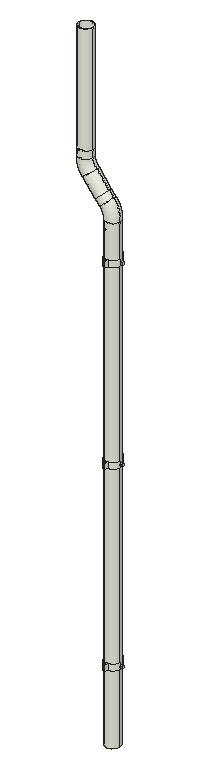
Revit family "NLRS_52_GM_HWA_rond_MR", category Generic Models, Revit 2017
Family settings
  Can host rebar = No
  Round Connector Dimension = Use Diameter
  Part Type = Normal
  Work Plane-Based = No
  Always vertical = Yes
  Cut with Voids When Loaded = No
  Shared = No
  Room Calculation Point = No
Parameters (values of type "HWA 80")
  a4 [instance] = a3 / tan(NLRS_C_hoek)  # 178.763 mm
  a3 [instance] = if(NLRS_C_Bochten_72gr, if(NLRS_C_afstand > 2.25 * NLRS_C_diameter, NLRS_C_afstand, 2.25 * NLRS_C_diameter), if(NLRS_C_afstand > NLRS_C_diameter, NLRS_C_afstand, NLRS_C_diameter))  # 150 mm
  a2 = 40 mm + a1  # 83.676 mm
  a1 = NLRS_C_radius * tan(NLRS_C_hoek / 2)  # 43.676 mm
  URL = "https://www.meilofriks.nl/hemelwaterafvoeren/hwa-rond-80100/"
  Type Comments = "HWA"  # constant formula
  NLRS_C_radius = NLRS_C_diameter * 1.5  # 120 mm
  NLRS_C_hoogte_onder [instance] = 400 mm
  NLRS_C_hoogte_maximum [instance] = 3500 mm
  NLRS_C_hoogte_boven [instance] = 600 mm
  NLRS_C_hoogte_04 [instance] = NLRS_C_hoogte_03 / (NLRS_C_aantal - 1)  # 996.942 mm
  NLRS_C_hoogte_03 [instance] = NLRS_C_hoogte_01 - 200 mm - NLRS_C_hoogte_onder  # 1993.884 mm
  NLRS_C_hoogte_01 [instance] = if(HWA_recht, NLRS_C_hoogte_maximum, NLRS_C_hoogte_maximum - a1 - a2 - a4 - NLRS_C_hoogte_boven)  # 2593.884 mm
  NLRS_C_hoek = if(NLRS_C_Bochten_72gr, 72.00°, 40.00°)  # 40.00°
  NLRS_C_diameter = 80 mm
  NLRS_C_afstand [instance] = 150 mm
  NLRS_C_aantal [instance] = if(NLRS_C_hoogte_03 > 1600 mm, NLRS_C_hoogte_01 / 1500 mm + 1, 2)  # 3
  NLRS_C_Materiaal = RAL 9010
  Model = ""
  Manufacturer = "Meilof Riks bv"  # constant formula
  HWA_verzet [instance] = not(HWA_recht)  # yes
  set_vergaarbak_Rond [instance] = and(HWA_Vergaarbak_Rond, HWA_recht)  # no
  HWA_recht [instance] = no
  HWA_Vergaarbak_Rond [instance] = no
  NLRS_C_Bochten_72gr = no
  Description = "Hemelwater afvoer"  # constant formula
Types (2, lengths in mm): name | a4 | a3 | a2 | a1 | URL | NLRS_C_radius | NLRS_C_hoogte_maximum | NLRS_C_hoogte_boven | NLRS_C_hoogte_04 | NLRS_C_hoogte_03 | NLRS_C_hoogte_01 | NLRS_C_diameter | NLRS_C_afstand | NLRS_C_aantal | NLRS_C_Materiaal | Model
  HWA 80 | 178.763 | 150 | 83.676 | 43.676 | "https://www.meilofriks.nl/hemelwaterafvoeren/hwa-rond-80100/" | 120 | 3500 | 600 | 996.942 | 1993.884 | 2593.884 | 80 | 150 | 3 | RAL 9010 | ""
  HWA 100 | 119.175 | 100 | 94.596 | 54.596 | 0 | 150 | 2000 | 50 | 1081.634 | 1081.634 | 1681.634 | 100 | 80 | 2 | RAL 7016 | "HWA 100"
Reference planes
  plane 1 "Center (Front/Back)": y = 0
  plane 2: z = 0
  plane 3 "Center (Left/Right)": x = 0
  plane 4: x = -150
  plane 5: z = 2900
  plane 6: z = 2816.324
  plane 7: z = 2593.884
  plane 8: z = 2637.561
  plane 9: z = 3500
  plane 10: z = 400
  plane 11: z = 2393.884
Forms (mm)
  Sweep 1, solid, material "RAL 9010" <- "NLRS_C_Materiaal", visible <- "HWA_verzet"
    path origin (-556.917, 0, -241.455) x (1, 0, 0) y (0, 0, 1)
      loop
        line (434.991, 3024.321) -> (503.131, 2943.116)
    profile "HWA_profile : HWA" origin (-87.856, 0, 2742.263) x (0.766044, 0, 0.642788) y (0, -1, 0)
      loop
        circle (0, 0) r 38
      loop
        circle (0, 0) r 40
  Sweep 2, solid, material "RAL 9010" <- "NLRS_C_Materiaal"
    path origin (0, 0, 0) x (1, 0, 0) y (0, 0, 1)
      loop
        line (0, 2593.884) -> (0, 0)
    profile "HWA_profile : HWA" origin (0, 0, 1296.942) x (1, 0, 0) y (0, -1, 0)
      loop
        circle (0, 0) r 38
      loop
        circle (0, 0) r 40
  Sweep 3, solid, material "RAL 9010" <- "NLRS_C_Materiaal", visible <- "HWA_verzet"
    path origin (0, 0, 0) x (1, 0, 0) y (0, 0, 1)
      loop
        line (-150, 3500) -> (-150, 2900)
    profile "HWA_profile : HWA" origin (-150, 0, 3200) x (1, 0, 0) y (0, -1, 0)
      loop
        circle (0, 0) r 38
      loop
        circle (0, 0) r 40
Dimensions and locks
  "a2": plane 5 to plane 6
  "a1": plane 8 to plane 7
  "a4": plane 6 to plane 8
  "a3": plane 3 "Center (Left/Right)" to plane 4
  "NLRS_C_hoogte_01": plane 7 to level
  plane 9 to level = 3500 mm
  "NLRS_C_hoogte_boven": plane 9 to plane 5
  "NLRS_C_hoogte_onder": plane 10 to level
  equal spacing: group 1, group 2, group 3  (x3)
  "NLRS_C_hoogte_03": plane 11 to plane 10
  "NLRS_C_hoogte_04": nested 5 to plane 10
  aligned and locked: level to plane 2
  aligned and locked: plane 5 to nested 1
  aligned and locked: plane 4 to nested 1
  aligned and locked: nested 1 to plane 1 "Center (Front/Back)"
  aligned and locked: plane 7 to Sweep 2 sketch curve
  aligned and locked: plane 2 to Sweep 2 sketch curve
  aligned and locked: Sweep 2 sketch curve to plane 3 "Center (Left/Right)"
  aligned and locked: plane 7 to nested 2
  aligned and locked: plane 1 "Center (Front/Back)" to nested 2
  aligned and locked: nested 2 to plane 3 "Center (Left/Right)"
  aligned and locked: nested 3 to plane 3 "Center (Left/Right)"
  aligned and locked: nested 3 to plane 7
  aligned and locked: nested 3 to Sweep 1 sketch curve  (x2)
  aligned and locked: nested 1 to Sweep 1 sketch curve
  aligned and locked: plane 9 to Sweep 3 sketch curve
  aligned and locked: plane 5 to Sweep 3 sketch curve
  aligned and locked: Sweep 3 sketch curve to plane 4
  aligned and locked: plane 10 to nested 4
  aligned and locked: plane 3 "Center (Left/Right)" to nested 4
  aligned and locked: nested 4 to plane 1 "Center (Front/Back)"
Nested families
  nested 1: "HWA_bocht 1" at (-150, 0, 2816.324) x (0, 0, -1) z (0, 1, 0), visible <- "HWA_verzet", type "HWA_bocht"
    with Diameter2 76 mm, Diameter 80 mm, Buig_radius 120 mm, A1 43.676 mm
  nested 2: "Vergaarbak_Rond" at (75, 0, 2593.884) x (0, 1, 0) z (0, 0, 1), visible <- "set_vergaarbak_Rond", type "Vergaarbak"
    with a2 76 mm, HWA_Diameter 80 mm, A1 75 mm
  nested 3: "HWA_bocht 2" at (0, 0, 2637.561) x (0, 0, 1) z (0, 1, 0), visible <- "HWA_verzet", type "HWA_bocht"
    with Diameter2 76 mm, Diameter 80 mm, Buig_radius 120 mm, A1 43.676 mm
  nested 4: "HWA_beugel" at (0, 0, 400) x (0, -1, 0) z (0, 0, 1), type "Beugel"
  nested 5: "HWA_beugel" at (0, 0, 1396.942) x (0, -1, 0) z (0, 0, 1), type "Beugel"
  nested 6: "HWA_beugel" at (0, 0, 2393.884) x (0, -1, 0) z (0, 0, 1), type "Beugel"
Definition of nested family "HWA_bocht 1"
  Parameters (values of type "HWA_bocht")
    NLRS_C_Materiaal = none
    Hoek = 40.00°
    Diameter2 = Diameter - 4 mm  # 96 mm
    Diameter = 100 mm
    Buig_radius = Diameter * 1.5  # 150 mm
    A1 = Buig_radius * tan(Hoek / 2)  # 54.596 mm
  Reference planes
    plane 1 "Center (Front/Back)": y = 0
    plane 2: z = 0
    plane 3 "Center (Left/Right)": x = 0
    plane 4: x = -54.596
    plane 5: y = 150
  Forms (mm)
    Sweep 1, solid, material <- "NLRS_C_Materiaal"
      path origin (0, 0, 0) x (1, 0, 0) y (0, 1, 0)
        loop
          line (-94.596, 0) -> (-54.596, 0)
          arc (-54.596, 0) -> (-3.293, 9.046) -> (41.823, 35.093) r 150
      profile "HWA_profile : HWA" origin (-3.293, 9.046, 0) x (-0.34202, 0.939693, 0) y (0, 0, 1)
        loop
          circle (0, 0) r 48
        loop
          circle (0, 0) r 50
    Sweep 2, solid, material <- "NLRS_C_Materiaal"
      path origin (0, 0, 0) x (1, 0, 0) y (0, 1, 0)
        loop
          line (72.464, 60.805) -> (41.823, 35.093)
      profile "HWA_profile : HWA 2" origin (57.143, 47.949, 0) x (0.642788, -0.766044, 0) y (0, 0, 1)
        loop
          circle (0, 0) r 46
        loop
          circle (0, 0) r 48
  Cuts and joins
    joined: Sweep 1, Sweep 2
  Lines and regions (mm)
    reference lines
      curve 1: line (-54.596, 150, 0) -> (768.173, -830.537, 0)
      curve 2: line (0, 0, 0) -> (1240.992, 1041.316, 0)
      curve 3: line (0, 0, 0) -> (241.045, -287.267, 0)
  Dimensions and locks
    "Buig_radius": plane 5 to plane 1 "Center (Front/Back)"
    "A1": plane 4 to plane 3 "Center (Left/Right)"
    Sweep 1 sketch curve to Sweep 1 sketch curve = 40 mm
    curve 1 to Sweep 2 sketch curve = 40 mm
    "Hoek": angle plane 4 to curve 1
    "Hoek": angle plane 1 "Center (Front/Back)" to curve 2
    "Hoek": angle plane 3 "Center (Left/Right)" to curve 3
    aligned and locked: level to plane 2
    aligned and locked: curve 1 to Sweep 1 sketch curve
    aligned and locked: plane 4 to Sweep 1 sketch curve
    aligned and locked: plane 1 "Center (Front/Back)" to Sweep 1 sketch curve
    aligned and locked: plane 3 "Center (Left/Right)" to curve 3
    aligned and locked: plane 1 "Center (Front/Back)" to curve 3
    aligned and locked: Sweep 2 sketch curve to curve 2
    aligned and locked: curve 1 to Sweep 2 sketch curve
  Automatic sketch dimensions
    Sweep 1 sketch curve to plane 5 = 0 mm
    curve 1 to plane 4 = 0 mm
    curve 1 to plane 5 = 0 mm
Definition of nested family "Vergaarbak_Rond"
  Parameters (values of type "Family4")
    a2 = HWA_Diameter - 4 mm  # 96 mm
    NLRS_C_Materiaal = none
    HWA_Diameter = 100 mm
    A1 = HWA_Diameter - 5 mm  # 95 mm
  Reference planes
    plane 1 "Center (Front/Back)": y = 0
    plane 2: z = 0
    plane 3 "Center (Left/Right)": x = 0
    plane 4: y = 95
  Forms (mm)
    Sweep 1, solid, material <- "NLRS_C_Materiaal"
      path origin (0, 0, 0) x (1, 0, 0) y (0, 0, 1)
        loop
          line (0, 0) -> (0, 150)
      profile origin (0, 0, 75) x (-1, 0, 0) y (0, -1, 0)
        loop
          line (95, 0) -> (-95, 0) -> (-95, -95)
          arc (-95, -95) -> (0, -190) -> (95, -95) r 95
          line (95, -95) -> (95, 0)
        loop
          line (93, -95) -> (93, -2) -> (-93, -2) -> (-93, -95)
          arc (-93, -95) -> (0, -188) -> (93, -95) r 93
    Extrusion 2, solid, material <- "NLRS_C_Materiaal"
      sketch origin (0, 0, 0) x (1, 0, 0) y (0, 1, 0)
        loop
          arc (93, 95) -> (0, 188) -> (-93, 95) r 93
          line (-93, 95) -> (-93, 2) -> (93, 2) -> (93, 95)
        loop
          circle (0, 95) r 47.5
      from 0 to 2
    Extrusion 3, solid, material <- "NLRS_C_Materiaal"
      sketch origin (0, 0, 0) x (1, 0, 0) y (0, 1, 0)
        loop
          arc (-43.084, 115) -> (0, 47.5) -> (43.084, 115) r 47.5
          arc (43.084, 115) -> (0, 142.5) -> (-43.084, 115) r 47.5
        loop
          circle (0, 95) r 48
      from -80 to 2
    Extrusion 4, void
      sketch origin (0, 0, 0) x (1, 0, 0) y (0, 0, 1)
        loop
          line (-45, 150) -> (-45, 20) -> (45, 20) -> (45, 150) -> (-45, 150)
        loop
          circle (-60, 140) r 2.5
        loop
          circle (60, 140) r 2.5
      from -5 to 5
  Cuts and joins
    Extrusion 4 cuts Sweep 1
    Extrusion 4 cuts Extrusion 2
    Extrusion 4 cuts Extrusion 3
    joined: Sweep 1, Extrusion 2, Extrusion 3
  Dimensions and locks
    equal spacing: Sweep 1 sketch curve, profile plane, Sweep 1 sketch curve
    "A1": Sweep 1 sketch curve to Sweep 1 sketch curve
    equal spacing: Extrusion 4 sketch curve, plane 3 "Center (Left/Right)", Extrusion 4 sketch curve
    Extrusion 4 sketch curve to Extrusion 4 sketch curve = 90 mm
    "A1": profile plane to Sweep 1 sketch curve
    "A1": plane 1 "Center (Front/Back)" to plane 4
    "A1": diameter of Extrusion 2 sketch curve
    "a2": diameter of Extrusion 3 sketch curve
    aligned and locked: level to plane 2
    aligned and locked: level to Sweep 1 sketch curve
    aligned and locked: Extrusion 2 sketch curve to cut or joined group of Sweep 1, Extrusion 2, Extrusion 3, Extrusion 4  (x2)
    aligned and locked: Extrusion 3 sketch curve to cut or joined group of Sweep 1, Extrusion 2, Extrusion 3, Extrusion 4  (x2)
  Automatic sketch dimensions
    Sweep 1 sketch curve to plane 3 "Center (Left/Right)" = 0 mm
    level to Sweep 1 sketch curve = 150 mm
    Extrusion 4 sketch curve to Extrusion 4 sketch curve = 15 mm  (x2)
    level to Extrusion 4 sketch curve = 20 mm
    Extrusion 4 sketch curve to Extrusion 4 sketch curve = 120 mm
    Extrusion 4 sketch curve to Extrusion 4 sketch curve = 0 mm
    Extrusion 4 sketch curve to Extrusion 4 sketch curve = 10 mm
    Sweep 1 sketch curve to Sweep 1 sketch curve = 0 mm  (x2)
    plane 1 "Center (Front/Back)" to Sweep 1 sketch curve = 0 mm
    Sweep 1 sketch curve to Sweep 1 sketch curve = 2 mm
    Sweep 1 sketch curve to plane 1 "Center (Front/Back)" = 2 mm
    Extrusion 2 sketch curve to Extrusion 2 sketch curve = 0 mm  (x2)
    Extrusion 3 sketch curve to Extrusion 3 sketch curve = 0 mm  (x2)
    Extrusion 3 sketch curve to plane 4 = 20 mm  (x2)
    radius of Extrusion 4 sketch curve = 2.5 mm  (x2)
Definition of nested family "HWA_bocht 2"
  Parameters (values of type "HWA_bocht")
    NLRS_C_Materiaal = none
    Hoek = 40.00°
    Diameter2 = Diameter - 4 mm  # 96 mm
    Diameter = 100 mm
    Buig_radius = Diameter * 1.5  # 150 mm
    A1 = Buig_radius * tan(Hoek / 2)  # 54.596 mm
  Reference planes
    plane 1 "Center (Front/Back)": y = 0
    plane 2: z = 0
    plane 3 "Center (Left/Right)": x = 0
    plane 4: x = -54.596
    plane 5: y = 150
  Forms (mm)
    Sweep 1, solid, material <- "NLRS_C_Materiaal"
      path origin (0, 0, 0) x (1, 0, 0) y (0, 1, 0)
        loop
          arc (-54.596, 0) -> (-3.293, 9.046) -> (41.823, 35.093) r 150
          line (41.823, 35.093) -> (72.464, 60.805)
      profile "HWA_profile : HWA" origin (-3.293, 9.046, 0) x (-0.34202, 0.939693, 0) y (0, 0, 1)
        loop
          circle (0, 0) r 48
        loop
          circle (0, 0) r 50
    Sweep 2, solid, material <- "NLRS_C_Materiaal"
      path origin (0, 0, 0) x (1, 0, 0) y (0, 1, 0)
        loop
          line (-94.596, 0) -> (-54.596, 0)
      profile "HWA_profile : HWA 2" origin (-74.596, 0, 0) x (0, 1, 0) y (0, 0, 1)
        loop
          circle (0, 0) r 46
        loop
          circle (0, 0) r 48
  Cuts and joins
    joined: Sweep 1, Sweep 2
  Lines and regions (mm)
    reference lines
      curve 1: line (-54.596, 150, 0) -> (768.173, -830.537, 0)
      curve 2: line (0, 0, 0) -> (1240.992, 1041.316, 0)
      curve 3: line (0, 0, 0) -> (241.045, -287.267, 0)
  Dimensions and locks
    "Buig_radius": plane 5 to plane 1 "Center (Front/Back)"
    "A1": plane 4 to plane 3 "Center (Left/Right)"
    locked: curve 1 to Sweep 1 sketch curve at 40
    locked: Sweep 2 sketch curve to plane 4 at 40
    "Hoek": angle plane 4 to curve 1
    "Hoek": angle plane 1 "Center (Front/Back)" to curve 2
    "Hoek": angle plane 3 "Center (Left/Right)" to curve 3
    aligned and locked: level to plane 2
    aligned and locked: plane 4 to Sweep 1 sketch curve
    aligned and locked: plane 1 "Center (Front/Back)" to Sweep 1 sketch curve
    aligned and locked: plane 3 "Center (Left/Right)" to curve 3
    aligned and locked: plane 1 "Center (Front/Back)" to curve 3
    aligned and locked: curve 2 to Sweep 1 sketch curve
    aligned and locked: curve 1 to Sweep 1 sketch curve
    aligned and locked: plane 4 to Sweep 2 sketch curve
  Automatic sketch dimensions
    plane 1 "Center (Front/Back)" to Sweep 2 sketch curve = 0 mm
    curve 1 to plane 4 = 0 mm
    curve 1 to plane 5 = 0 mm
Definition of nested family "HWA_beugel"
  Parameters (values of type "Beugel")
    a1 = NLRS_C_diameter / 2 + 2 mm  # 42 mm
    NLRS_C_materiaal = none
    NLRS_C_diameter_03 = NLRS_C_diameter + 0.1 mm  # 80.1 mm
    NLRS_C_diameter = 80 mm
  Reference planes
    plane 1 "Center (Front/Back)": y = 0
    plane 2: z = 0
    plane 3 "Center (Left/Right)": x = 0
    plane 4: y = 42
    plane 5: x = -64
    plane 6: x = 64
    plane 7: x = -40
    plane 8: x = 40
    plane 9: y = -2
    plane 10: y = 2
    plane 11: y = -42
    plane 12: y = 57
  Forms (mm)
    Sweep 1, solid, material <- "NLRS_C_materiaal"
      path origin (0, 0, 0) x (1, 0, 0) y (0, 1, 0)
        loop
          line (-64, 2) -> (-40, 2)
          arc (-40, 2) -> (0, 40.049) -> (40, 2) r 40.05
          line (40, 2) -> (64, 2)
      profile origin (-52, 2, 0) x (0, 1, 0) y (0, 0, 1)
        loop
          line (2, 15) -> (0, 15) -> (0, -15) -> (2, -15) -> (2, 15)
    Extrusion 2, void
      sketch origin (0, 0, 0) x (1, 0, 0) y (0, 0, 1)
        loop
          line (-43.624, -20) -> (-53.624, -20)
          arc (-53.624, -20) -> (-63.624, 0) -> (-53.624, 20) r 25
          line (-53.624, 20) -> (-43.624, 20) -> (-43.624, 25) -> (-78.624, 25) -> (-78.624, -25) -> (-43.624, -25) -> (-43.624, -20)
      from -42 to 42
    Extrusion 3, void
      sketch origin (0, 0, 0) x (-1, 0, 0) y (0, 0, -1)
        loop
          line (-43.624, 20) -> (-43.624, 25) -> (-78.624, 25) -> (-78.624, -25) -> (-43.624, -25) -> (-43.624, -20) -> (-53.624, -20)
          arc (-53.624, -20) -> (-63.624, 0) -> (-53.624, 20) r 25
          line (-53.624, 20) -> (-43.624, 20)
      from -42 to 42
    Sweep 4, solid, material <- "NLRS_C_materiaal"
      path origin (0, -4, 0) x (1, 0, 0) y (0, -1, 0)
        loop
          line (-64, -2) -> (-40, -2)
          arc (-40, -2) -> (0, 36.049) -> (40, -2) r 40.05
          line (40, -2) -> (64, -2)
      profile origin (-52, -2, 0) x (0, 1, 0) y (0, 0, 1)
        loop
          line (-2, 15) -> (-2, -15) -> (0, -15) -> (0, 15) -> (-2, 15)
    Sweep 5, solid, material <- "NLRS_C_materiaal"
      path origin (0, 0, 0) x (1, 0, 0) y (0, 1, 0)
        loop
          line (0, 42) -> (0, 57)
      profile origin (0, 49.5, 0) x (-1, 0, 0) y (0, 0, 1)
        loop
          circle (0, 0) r 5.5
  Cuts and joins
    Extrusion 2, Extrusion 3 cuts Sweep 1
    Extrusion 2, Extrusion 3 cuts Sweep 4
  Dimensions and locks
    equal spacing: plane 5, plane 3 "Center (Left/Right)", plane 6
    locked: plane 5 to plane 7 at 24
    locked: plane 6 to plane 8 at 24
    "a1": plane 4 to plane 1 "Center (Front/Back)"
    "NLRS_C_diameter": plane 7 to plane 8
    Sweep 1 sketch curve to level to Sweep 1 sketch curve = 15 mm, 15 mm
    Sweep 1 sketch curve to Sweep 1 sketch curve = 2 mm
    plane 9 to plane 1 "Center (Front/Back)" = 2 mm
    Sweep 4 sketch curve to Sweep 4 sketch curve = 30 mm
    Sweep 4 sketch curve to Sweep 4 sketch curve = 2 mm
    plane 10 to plane 1 "Center (Front/Back)" = 2 mm
    "a1": plane 11 to plane 1 "Center (Front/Back)"
    plane 12 to plane 4 = 15 mm
    "NLRS_C_diameter_03": diameter of Sweep 1 sketch curve
    "NLRS_C_diameter_03": diameter of Sweep 4 sketch curve
    aligned and locked: level to plane 2
    aligned and locked: plane 8 to Sweep 1 sketch curve
    aligned and locked: plane 5 to Sweep 1 sketch curve
    aligned and locked: plane 7 to Sweep 1 sketch curve
    aligned and locked: plane 6 to Sweep 1 sketch curve
    aligned and locked: Sweep 1 sketch curve to plane 10  (x2)
    aligned and locked: Sweep 4 sketch curve to plane 9  (x2)
    aligned and locked: plane 5 to Sweep 4 sketch curve
    aligned and locked: plane 7 to Sweep 4 sketch curve
    aligned and locked: plane 8 to Sweep 4 sketch curve
    aligned and locked: plane 6 to Sweep 4 sketch curve
    aligned and locked: plane 4 to Extrusion 2
    aligned and locked: Extrusion 2 to plane 11
    aligned and locked: Extrusion 2 to Extrusion 3
    aligned and locked: plane 4 to Extrusion 3
    aligned and locked: plane 4 to Sweep 5 sketch curve
    aligned and locked: plane 12 to Sweep 5 sketch curve
    aligned and locked: plane 3 "Center (Left/Right)" to Sweep 5 sketch curve
  Automatic sketch dimensions
    Extrusion 2 sketch curve to level = 0 mm
    Extrusion 2 sketch curve to plane 5 = 14.624 mm
    plane 5 to Extrusion 2 sketch curve = 10.376 mm  (x2)
    Extrusion 2 sketch curve to plane 7 = 3.624 mm  (x2)
    plane 7 to Extrusion 2 sketch curve = 1.376 mm
    Extrusion 2 sketch curve to level = 20 mm
    Extrusion 2 sketch curve to level = 25 mm
    level to Extrusion 2 sketch curve = 25 mm
    Extrusion 3 sketch curve to level = 0 mm
    Extrusion 3 sketch curve to plane 6 = 14.624 mm
    plane 6 to Extrusion 3 sketch curve = 10.376 mm  (x2)
    Extrusion 3 sketch curve to plane 8 = 3.624 mm  (x2)
    plane 8 to Extrusion 3 sketch curve = 1.376 mm
    level to Extrusion 3 sketch curve = 20 mm
    level to Extrusion 3 sketch curve = 25 mm
    Extrusion 3 sketch curve to level = 25 mm
    Sweep 5 sketch curve to level = 0 mm
    Sweep 5 sketch curve to profile plane = 0 mm
    Sweep 4 sketch curve to profile plane = 0 mm
    Sweep 4 sketch curve to level = 15 mm
    Sweep 1 sketch curve to profile plane = 0 mm
    radius of Sweep 5 sketch curve = 5.5 mm
